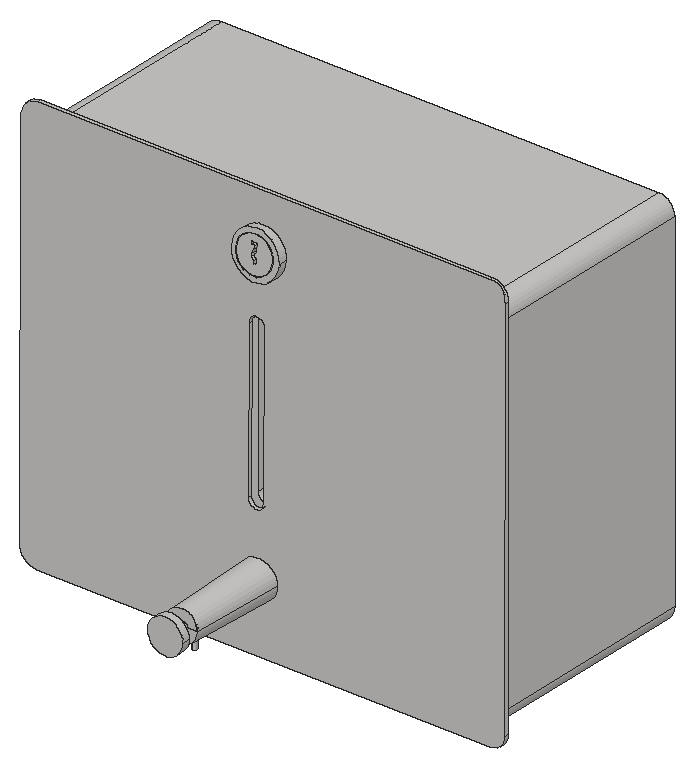
Revit family
Parameters (values of type "STRX619")
  Weight (lb/kg) = "N/A"
  Type Comments = "Surface Mounted Soap Dispenser"
  Surface Mounted Soap Dispenser = 18-10 stainless steel, type 304,18/16 gauge
  Suitable Contents = "34oz. (1L) bag"
  Product Includes = "Container and cylinder lock with XINOX standard key, and mounting hardware"
  Overall Size = "7-3/8\"W x 6\"H x 3-5/8\"D (186 x 154 x 92mm)"
  Model = "STRX619"
  Manufacturer = "Franke Commercial Accessories"
  Finish = "Satin"
  Description = "Franke Commercial 'STRATOS' #STRX619 Liquid Soap Dispenser, Wall Mounted, 6\"H x 7-3/8\"W x 3-5/8\"D (152mm x 187mm x 92mm) manufactured from heavy duty 18/16 gauge (1.3/1.6mm) grade 18-10 type 304 stainless steel, satin finish, soap level indicator window, replaceable 34oz (1L) container suitable for liquid, lotion or antiseptic soaps, Franke standard key lock and with mounting hardware. Provide adequate backing in wall for support."
  Default Elevation = 4' - 0"
  Cost = 458.17
  Capacity = "34 oz. (1L) bag"
Reference planes (in)
  plane 1 "Center (Front/Back)": y = 0
  plane 2: z = 0
  plane 3 "Center (Left/Right)": x = 0
Forms (in)
  Extrusion 1, solid, material "18-10 stainless steel, type 304,18/16 gauge"
    sketch origin (0, 0, 0) x (1, 0, 0) y (0, 1, 0)
      loop
        line (-3.6875, 0) -> (-3.6875, -3.41482) -> (3.6875, -3.41482) -> (3.6875, 0) -> (-3.6875, 0)
    from 0 to 6
  Extrusion 2, solid, material "18-10 stainless steel, type 304,18/16 gauge"
    sketch origin (-3.8125, 0.13577, 0) x (0, 1, 0) y (0, 0, 1)
      loop
        arc (-3.55059, -0.24728) -> (-3.71009, 3.04683) -> (-3.54128, 6.34048) r 33.12821
        line (-3.54128, 6.34048) -> (-3.59228, 6.34048)
        arc (-3.59228, 6.34048) -> (-3.76083, 3.04683) -> (-3.60157, -0.24728) r 33.17899
        line (-3.60157, -0.24728) -> (-3.55059, -0.24728)
    from 0 to 7.625
  Extrusion 3, void
    sketch origin (0, 0, -0.125) x (1, 0, 0) y (0, 0, 1)
      loop
        arc (-0.125, 2.16837) -> (0, 2.04337) -> (0.125, 2.16837) r 0.125
        line (0.125, 2.16837) -> (0.125, 4.61988)
        arc (0.125, 4.61988) -> (0, 4.74488) -> (-0.125, 4.61988) r 0.125
        line (-0.125, 4.61988) -> (-0.125, 2.16837)
    from 2.74627 to 3.91482
  Extrusion 4, solid, material "18-10 stainless steel, type 304,18/16 gauge"
    sketch origin (0, -4.28729, -5.7324) x (1, 0, 0) y (0, 0.069756, 0.997564)
      loop
        circle (0, 11.25683) r 0.375
    from 0 to 0.125
  Extrusion 5, void
    sketch origin (-0.01563, -4.13397, -5.76822) x (1, 0, 0) y (0, 0.052336, 0.99863)
      loop
        circle (0, 11.28601) r 0.29697
      loop
        circle (0, 11.28601) r 0.28591
    from 0 to 0.5625
  Extrusion 6, void
    sketch origin (-0.01562, -5.44554, -5.62999) x (1, 0, 0) y (0, 0.156434, 0.987688)
      loop
        line (-0.04656, 11.46021) -> (-0.04656, 11.41729) -> (-0.00387, 11.41007)
        arc (-0.00387, 11.41007) -> (0.00447, 11.39429) -> (0.00115, 11.37676) r 0.02702
        line (0.00115, 11.37676) -> (-0.04656, 11.29412) -> (-0.04656, 11.25111) -> (0, 11.20454) -> (0, 11.15229) -> (0.03741, 11.15229) -> (0.03741, 11.23706) -> (0, 11.25866) -> (0, 11.29678) -> (0.03741, 11.31838) -> (0.03741, 11.46021) -> (-0.04656, 11.46021)
    from -0.34617 to 0.97299
  Extrusion 7, void
    sketch origin (0, 0, 0) x (1, 0, 0) y (0, 0, 1)
      loop
        arc (-3.8125, 6.09048) -> (-3.73928, 6.26726) -> (-3.5625, 6.34048) r 0.25
        line (-3.5625, 6.34048) -> (-3.8125, 6.34048) -> (-3.8125, 6.09048)
      loop
        arc (-3.5625, -0.24728) -> (-3.73928, -0.17406) -> (-3.8125, 0.00272) r 0.25
        line (-3.8125, 0.00272) -> (-3.8125, -0.24728) -> (-3.5625, -0.24728)
      loop
        arc (3.8125, 0.00272) -> (3.73928, -0.17406) -> (3.5625, -0.24728) r 0.25
        line (3.5625, -0.24728) -> (3.8125, -0.24728) -> (3.8125, 0.00272)
      loop
        arc (3.5625, 6.34048) -> (3.73928, 6.26726) -> (3.8125, 6.09048) r 0.25
        line (3.8125, 6.09048) -> (3.8125, 6.34048) -> (3.5625, 6.34048)
    from 0 to 7.375
  Extrusion 8, void
    sketch origin (0, 0, 0) x (1, 0, 0) y (0, 0, 1)
      loop
        arc (-3.6875, 5.75) -> (-3.61428, 5.92678) -> (-3.4375, 6) r 0.25
        line (-3.4375, 6) -> (-3.6875, 6) -> (-3.6875, 5.75)
      loop
        arc (-3.4375, 0) -> (-3.61428, 0.07322) -> (-3.6875, 0.25) r 0.25
        line (-3.6875, 0.25) -> (-3.6875, 0) -> (-3.4375, 0)
      loop
        arc (3.6875, 0.25) -> (3.61428, 0.07322) -> (3.4375, 0) r 0.25
        line (3.4375, 0) -> (3.6875, 0) -> (3.6875, 0.25)
      loop
        arc (3.4375, 6) -> (3.61428, 5.92678) -> (3.6875, 5.75) r 0.25
        line (3.6875, 5.75) -> (3.6875, 6) -> (3.4375, 6)
    from 0 to 3.41482
  Revolve 9, solid, material "18-10 stainless steel, type 304,18/16 gauge"
    sketch origin (0, 0.11466, 0.90464) x (1, 0, 0) y (0, 1, 0)
      loop
        line (-0.31071, -3.67352) -> (-0.25836, -5.17261) -> (-0.0124, -5.17261) -> (-0.0124, -3.67352) -> (-0.31071, -3.67352)
      axis (-0.0124, -3.67352) -> (-0.0124, -5.17261)
    angle from 0 to 360
  Revolve 10, solid, material "18-10 stainless steel, type 304,18/16 gauge"
    sketch origin (0.04688, 0.06066, 0.90464) x (1, 0, 0) y (0, 1, 0)
      loop
        line (-0.125, -5.11861) -> (-0.125, -5.33817) -> (-0.04923, -5.33817) -> (-0.04923, -5.11861) -> (-0.125, -5.11861)
      axis (-0.04923, -5.11861) -> (-0.04923, -5.33817)
    angle from 0 to 360
  Extrusion 11, solid, material "18-10 stainless steel, type 304,18/16 gauge"
    sketch origin (0, -5.27751, 0) x (1, 0, 0) y (0, 0, 1)
      loop
        circle (0, 0.91087) r 0.27408
    from 0 to 0.125
  Revolve 12, solid, material "18-10 stainless steel, type 304,18/16 gauge"
    sketch origin (0, 0, 0) x (0, 1, 0) y (0, 0, 1)
      loop
        line (-4.7866, 0.64882) -> (-4.82057, 0.64882) -> (-4.82057, 0.48576) -> (-4.7866, 0.48576) -> (-4.7866, 0.64882)
      axis (-4.82057, 0.48576) -> (-4.82057, 0.64882)
    angle from 0 to 360
Cuts and joins
  Extrusion 3, Extrusion 6, Extrusion 7, Extrusion 8 cuts Extrusion 1
  Extrusion 3, Extrusion 7, Extrusion 8 cuts Extrusion 2
  Extrusion 5, Extrusion 6, Extrusion 7, Extrusion 8 cuts Extrusion 4
Lines and regions (in)
  model lines
    curve 1: line (0, -3.3125, 0) -> (0, -3.55059, 0)
